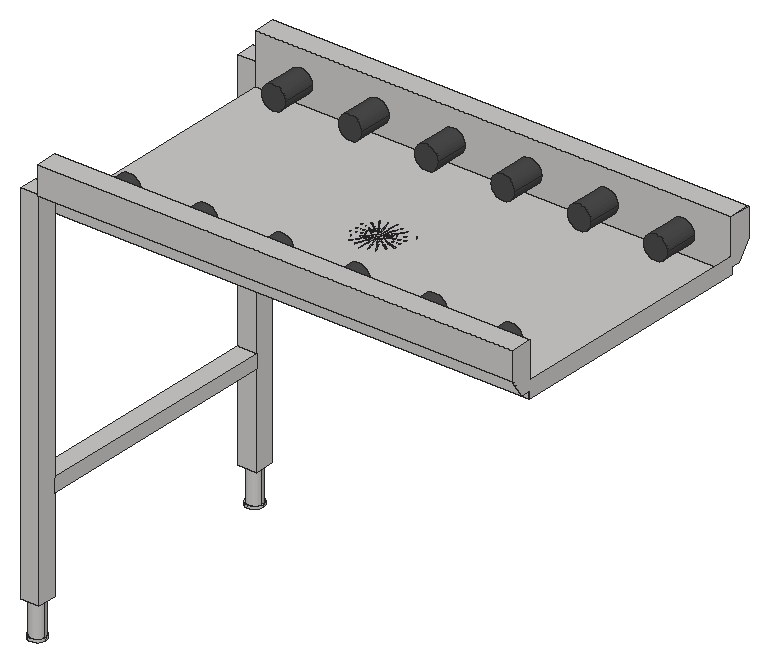
Revit family "QF_ELECTROLUXPROFESSIONAL_863142_HSSRC10", category Specialty Equipment, Revit 2018 (continued)
Lines and regions (mm)
  symbolic lines
    curve 297: line (-579.143, 72.511, 0) -> (-578.848, 71.603, 0)
    curve 298: arc (-578.848, 71.603, 0) -> (-578.908, 70.831, 0) -> (-579.497, 70.328, 0) r 1.012
    curve 299: line (-579.497, 70.328, 0) -> (-591.804, 66.33, 0)
    curve 300: arc (-591.804, 66.33, 0) -> (-592.604, 66.393, 0) -> (-593.125, 67.003, 0) r 1.048
    curve 301: line (-593.125, 67.003, 0) -> (-593.419, 67.91, 0)
    curve 302: arc (-593.419, 67.91, 0) -> (-593.36, 68.671, 0) -> (-592.779, 69.167, 0) r 0.998
    curve 303: line (-585.276, 73.399, 0) -> (-594.436, 73.399, 0)
    curve 304: arc (-594.436, 73.399, 0) -> (-595.153, 73.696, 0) -> (-595.45, 74.412, 0) r 1.013
    curve 305: line (-595.45, 74.412, 0) -> (-595.45, 75.402, 0)
    curve 306: arc (-595.45, 75.402, 0) -> (-595.158, 76.107, 0) -> (-594.452, 76.399, 0) r 0.997
    curve 307: line (-594.452, 76.399, 0) -> (-585.311, 76.399, 0)
    curve 308: arc (-585.311, 76.399, 0) -> (-584.579, 76.096, 0) -> (-584.276, 75.364, 0) r 1.035
    curve 309: line (-584.276, 75.364, 0) -> (-584.276, 74.399, 0)
    curve 310: arc (-584.276, 74.399, 0) -> (-584.569, 73.692, 0) -> (-585.276, 73.399, 0) r 1
    curve 311: line (-580.424, 76.616, 0) -> (-592.731, 80.615, 0)
    curve 312: arc (-592.731, 80.615, 0) -> (-593.341, 81.136, 0) -> (-593.404, 81.936, 0) r 1.048
    curve 313: line (-593.404, 81.936, 0) -> (-593.109, 82.843, 0)
    curve 314: arc (-593.109, 82.843, 0) -> (-592.613, 83.424, 0) -> (-591.852, 83.484, 0) r 0.998
    curve 315: line (-591.852, 83.484, 0) -> (-579.518, 79.476, 0)
    curve 316: arc (-579.518, 79.476, 0) -> (-578.916, 78.962, 0) -> (-578.854, 78.174, 0) r 1.033
    curve 317: line (-578.854, 78.174, 0) -> (-579.149, 77.266, 0)
    curve 318: arc (-579.149, 77.266, 0) -> (-579.652, 76.677, 0) -> (-580.424, 76.616, 0) r 1.012
    curve 319: line (-583.295, 82.497, 0) -> (-590.706, 87.881, 0)
    curve 320: arc (-590.706, 87.881, 0) -> (-591.111, 88.543, 0) -> (-590.93, 89.297, 0) r 1.013
    curve 321: line (-590.93, 89.297, 0) -> (-590.348, 90.097, 0)
    curve 322: arc (-590.348, 90.097, 0) -> (-589.697, 90.496, 0) -> (-588.955, 90.318, 0) r 0.997
    curve 323: line (-588.955, 90.318, 0) -> (-581.56, 84.945, 0)
    curve 324: arc (-581.56, 84.945, 0) -> (-581.146, 84.269, 0) -> (-581.331, 83.499, 0) r 1.035
    curve 325: line (-581.331, 83.499, 0) -> (-581.898, 82.718, 0)
    curve 326: arc (-581.898, 82.718, 0) -> (-582.551, 82.319, 0) -> (-583.295, 82.497, 0) r 1
    curve 327: line (-577.478, 82.248, 0) -> (-585.084, 92.717, 0)
    curve 328: arc (-585.084, 92.717, 0) -> (-585.272, 93.497, 0) -> (-584.852, 94.181, 0) r 1.048
    curve 329: line (-584.852, 94.181, 0) -> (-584.081, 94.742, 0)
    curve 330: arc (-584.081, 94.742, 0) -> (-583.338, 94.92, 0) -> (-582.687, 94.521, 0) r 0.998
    curve 331: line (-582.687, 94.521, 0) -> (-575.064, 84.029, 0)
    curve 332: arc (-575.064, 84.029, 0) -> (-574.879, 83.26, 0) -> (-575.293, 82.586, 0) r 1.033
    curve 333: line (-575.293, 82.586, 0) -> (-576.065, 82.024, 0)
    curve 334: arc (-576.065, 82.024, 0) -> (-576.818, 81.843, 0) -> (-577.478, 82.248, 0) r 1.012
    curve 335: line (-576.344, 88.693, 0) -> (-579.175, 97.405, 0)
    curve 336: arc (-579.175, 97.405, 0) -> (-579.114, 98.178, 0) -> (-578.524, 98.682, 0) r 1.013
    curve 337: line (-578.524, 98.682, 0) -> (-577.583, 98.988, 0)
    curve 338: arc (-577.583, 98.988, 0) -> (-576.822, 98.928, 0) -> (-576.326, 98.347, 0) r 0.997
    curve 339: line (-576.326, 98.347, 0) -> (-573.502, 89.654, 0)
    curve 340: arc (-573.502, 89.654, 0) -> (-573.564, 88.864, 0) -> (-574.166, 88.349, 0) r 1.035
    curve 341: line (-574.166, 88.349, 0) -> (-575.084, 88.051, 0)
    curve 342: arc (-575.084, 88.051, 0) -> (-575.847, 88.111, 0) -> (-576.344, 88.693, 0) r 1
    curve 343: line (-646.137, 265.317, 0) -> (-596.137, 265.317, 0)
    curve 344: line (-596.137, 265.317, 0) -> (-596.137, 335.271, 0)
    curve 345: line (-596.137, 335.271, 0) -> (-646.137, 335.271, 0)
    curve 346: line (-646.137, 335.271, 0) -> (-646.137, 265.317, 0)
    curve 347: line (-435.137, 265.317, 0) -> (-485.137, 265.317, 0)
    curve 348: line (-485.137, 265.317, 0) -> (-485.137, 335.271, 0)
    curve 349: line (-485.137, 335.271, 0) -> (-435.137, 335.271, 0)
    curve 350: line (-435.137, 335.271, 0) -> (-435.137, 265.317, 0)
    curve 351: line (-324.137, 265.317, 0) -> (-274.137, 265.317, 0)
    curve 352: line (-274.137, 265.317, 0) -> (-274.137, 335.271, 0)
    curve 353: line (-274.137, 335.271, 0) -> (-324.137, 335.271, 0)
    curve 354: line (-324.137, 335.271, 0) -> (-324.137, 265.317, 0)
    curve 355: line (-163.137, 265.317, 0) -> (-113.137, 265.317, 0)
    curve 356: line (-113.137, 265.317, 0) -> (-113.137, 335.271, 0)
    curve 357: line (-113.137, 335.271, 0) -> (-163.137, 335.271, 0)
    curve 358: line (-163.137, 335.271, 0) -> (-163.137, 265.317, 0)
    curve 359: line (-918.137, -115.842, 0) -> (-968.137, -115.842, 0)
    curve 360: line (-968.137, -115.842, 0) -> (-968.137, -185.797, 0)
    curve 361: line (-968.137, -185.797, 0) -> (-918.137, -185.797, 0)
    curve 362: line (-918.137, -185.797, 0) -> (-918.137, -115.842, 0)
    curve 363: line (-806.851, -115.842, 0) -> (-756.851, -115.842, 0)
    curve 364: line (-756.851, -115.842, 0) -> (-756.851, -185.797, 0)
    curve 365: line (-756.851, -185.797, 0) -> (-806.851, -185.797, 0)
    curve 366: line (-806.851, -185.797, 0) -> (-806.851, -115.842, 0)
    curve 367: line (-646.137, -115.842, 0) -> (-596.137, -115.842, 0)
    curve 368: line (-596.137, -115.842, 0) -> (-596.137, -185.797, 0)
    curve 369: line (-596.137, -185.797, 0) -> (-646.137, -185.797, 0)
    curve 370: line (-646.137, -185.797, 0) -> (-646.137, -115.842, 0)
    curve 371: line (-435.137, -115.842, 0) -> (-485.137, -115.842, 0)
    curve 372: line (-485.137, -115.842, 0) -> (-485.137, -185.797, 0)
    curve 373: line (-485.137, -185.797, 0) -> (-435.137, -185.797, 0)
    curve 374: line (-435.137, -185.797, 0) -> (-435.137, -115.842, 0)
    curve 375: line (-324.137, -115.842, 0) -> (-274.137, -115.842, 0)
    curve 376: line (-274.137, -115.842, 0) -> (-274.137, -185.797, 0)
    curve 377: line (-274.137, -185.797, 0) -> (-324.137, -185.797, 0)
    curve 378: line (-324.137, -185.797, 0) -> (-324.137, -115.842, 0)
    curve 379: line (-163.137, -115.842, 0) -> (-113.137, -115.842, 0)
    curve 380: line (-113.137, -115.842, 0) -> (-113.137, -185.797, 0)
    curve 381: line (-113.137, -185.797, 0) -> (-163.137, -185.797, 0)
    curve 382: line (-163.137, -185.797, 0) -> (-163.137, -115.842, 0)
Dimensions and locks
  plane 3 "LEFT" to plane 7 "RIGHT" = 1000 mm
  equal spacing: plane 4 "BACK", plane 1 "Centro (Fronte/Retro)", plane 5 "FRONT"
  plane 4 "BACK" to plane 5 "FRONT" = 620 mm
  cut or joined group 1 (Extrusion 2, Extrusion 3, Revolve 4, Revolve 5, Extrusion 7, Extrusion 8, Extrusion 9, Extrusion 10, Extrusion 11, Extrusion 12, Extrusion 13, Extrusion 14, Extrusion 15, Extrusion 16, Extrusion 17, Extrusion 18, Extrusion 19, Extrusion 20, Extrusion 21, Extrusion 22, Extrusion 23, Extrusion 24, Extrusion 25, Extrusion 26, Extrusion 27) to cut or joined group 1 = 529.957 mm
  Extrusion 6 sketch curve to Extrusion 6 sketch curve to Extrusion 6 sketch curve to Extrusion 6 sketch curve to Extrusion 6 sketch curve to Extrusion 6 sketch curve = 161 mm, 161 mm, 161 mm, 161 mm, 161 mm
  plane 3 "LEFT" to plane 8 = 470 mm
  Extrusion 29 sketch curve to Extrusion 29 sketch curve to Extrusion 29 sketch curve to Extrusion 29 sketch curve to Extrusion 29 sketch curve to Extrusion 29 sketch curve = 161 mm, 161 mm, 161 mm, 161 mm, 161 mm
  aligned and locked: level to plane 2
  aligned and locked: Extrusion 2 to Extrusion 3
Automatic sketch dimensions
  Extrusion 7 sketch curve to Extrusion 7 sketch curve = 0.998 mm
  Extrusion 7 sketch curve to Extrusion 7 sketch curve = 1.033 mm
  Extrusion 7 sketch curve to Extrusion 7 sketch curve = 12.94 mm
  Extrusion 7 sketch curve to Extrusion 7 sketch curve = 3.807 mm
  Extrusion 7 sketch curve to Extrusion 7 sketch curve = 20.041 mm
  Extrusion 7 sketch curve to Extrusion 7 sketch curve = 0.05 mm
  Extrusion 7 sketch curve to Extrusion 7 sketch curve = 0 mm
  Extrusion 7 sketch curve to Extrusion 7 sketch curve = 1.012 mm  (x2)
  Extrusion 7 sketch curve to Extrusion 7 sketch curve = 1.048 mm  (x2)
  Extrusion 7 sketch curve to Extrusion 7 sketch curve = 0.955 mm  (x2)
  Extrusion 7 sketch curve to Extrusion 7 sketch curve = 0.954 mm
  Extrusion 8 sketch curve to Extrusion 8 sketch curve = 0.998 mm
  Extrusion 8 sketch curve to Extrusion 8 sketch curve = 1.033 mm
  Extrusion 8 sketch curve to Extrusion 8 sketch curve = 12.94 mm
  Extrusion 8 sketch curve to Extrusion 8 sketch curve = 3.807 mm
  Extrusion 8 sketch curve to Extrusion 8 sketch curve = 20.041 mm
  Extrusion 8 sketch curve to Extrusion 8 sketch curve = 0.05 mm
  Extrusion 8 sketch curve to Extrusion 8 sketch curve = 0 mm
  Extrusion 8 sketch curve to Extrusion 8 sketch curve = 1.012 mm  (x2)
  Extrusion 8 sketch curve to Extrusion 8 sketch curve = 1.048 mm  (x2)
  Extrusion 8 sketch curve to Extrusion 8 sketch curve = 0.955 mm  (x2)
  Extrusion 8 sketch curve to Extrusion 8 sketch curve = 0.954 mm
  Extrusion 9 sketch curve to Extrusion 9 sketch curve = 0.998 mm
  Extrusion 9 sketch curve to Extrusion 9 sketch curve = 1.033 mm
  Extrusion 9 sketch curve to Extrusion 9 sketch curve = 12.94 mm
  Extrusion 9 sketch curve to Extrusion 9 sketch curve = 3.807 mm
  Extrusion 9 sketch curve to Extrusion 9 sketch curve = 20.041 mm
  Extrusion 9 sketch curve to Extrusion 9 sketch curve = 0.05 mm
  Extrusion 9 sketch curve to Extrusion 9 sketch curve = 0 mm
  Extrusion 9 sketch curve to Extrusion 9 sketch curve = 1.012 mm  (x2)
  Extrusion 9 sketch curve to Extrusion 9 sketch curve = 1.048 mm  (x2)
  Extrusion 9 sketch curve to Extrusion 9 sketch curve = 0.955 mm  (x2)
  Extrusion 9 sketch curve to Extrusion 9 sketch curve = 0.954 mm
  Extrusion 10 sketch curve to Extrusion 10 sketch curve = 0.998 mm
  Extrusion 10 sketch curve to Extrusion 10 sketch curve = 1.033 mm
  Extrusion 10 sketch curve to Extrusion 10 sketch curve = 12.94 mm
  Extrusion 10 sketch curve to Extrusion 10 sketch curve = 3.807 mm
  Extrusion 10 sketch curve to Extrusion 10 sketch curve = 20.041 mm
  Extrusion 10 sketch curve to Extrusion 10 sketch curve = 0.05 mm
  Extrusion 10 sketch curve to Extrusion 10 sketch curve = 0 mm
  Extrusion 10 sketch curve to Extrusion 10 sketch curve = 1.012 mm  (x2)
  Extrusion 10 sketch curve to Extrusion 10 sketch curve = 1.048 mm  (x2)
  Extrusion 10 sketch curve to Extrusion 10 sketch curve = 0.955 mm  (x2)
  Extrusion 10 sketch curve to Extrusion 10 sketch curve = 0.954 mm
  Extrusion 11 sketch curve to Extrusion 11 sketch curve = 0.998 mm
  Extrusion 11 sketch curve to Extrusion 11 sketch curve = 1.033 mm
  Extrusion 11 sketch curve to Extrusion 11 sketch curve = 12.94 mm
  Extrusion 11 sketch curve to Extrusion 11 sketch curve = 3.807 mm
  Extrusion 11 sketch curve to Extrusion 11 sketch curve = 20.041 mm
  Extrusion 11 sketch curve to Extrusion 11 sketch curve = 0.05 mm
  Extrusion 11 sketch curve to Extrusion 11 sketch curve = 0 mm
  Extrusion 11 sketch curve to Extrusion 11 sketch curve = 1.012 mm  (x2)
  Extrusion 11 sketch curve to Extrusion 11 sketch curve = 1.048 mm  (x2)
  Extrusion 11 sketch curve to Extrusion 11 sketch curve = 0.955 mm  (x2)
  Extrusion 11 sketch curve to Extrusion 11 sketch curve = 0.954 mm
  Extrusion 12 sketch curve to Extrusion 12 sketch curve = 0.998 mm
  Extrusion 12 sketch curve to Extrusion 12 sketch curve = 1.033 mm
  Extrusion 12 sketch curve to Extrusion 12 sketch curve = 12.94 mm
  Extrusion 12 sketch curve to Extrusion 12 sketch curve = 3.807 mm
  Extrusion 12 sketch curve to Extrusion 12 sketch curve = 20.041 mm
  Extrusion 12 sketch curve to Extrusion 12 sketch curve = 0.05 mm
  Extrusion 12 sketch curve to Extrusion 12 sketch curve = 0 mm
  Extrusion 12 sketch curve to Extrusion 12 sketch curve = 1.012 mm  (x2)
  Extrusion 12 sketch curve to Extrusion 12 sketch curve = 1.048 mm  (x2)
  Extrusion 12 sketch curve to Extrusion 12 sketch curve = 0.955 mm  (x2)
  Extrusion 12 sketch curve to Extrusion 12 sketch curve = 0.954 mm
  Extrusion 13 sketch curve to Extrusion 13 sketch curve = 0.998 mm
  Extrusion 13 sketch curve to Extrusion 13 sketch curve = 1.033 mm
  Extrusion 13 sketch curve to Extrusion 13 sketch curve = 12.94 mm
  Extrusion 13 sketch curve to Extrusion 13 sketch curve = 3.807 mm
  Extrusion 13 sketch curve to Extrusion 13 sketch curve = 20.041 mm
  Extrusion 13 sketch curve to Extrusion 13 sketch curve = 0.05 mm
  Extrusion 13 sketch curve to Extrusion 13 sketch curve = 0 mm
  Extrusion 13 sketch curve to Extrusion 13 sketch curve = 1.012 mm  (x2)
  Extrusion 13 sketch curve to Extrusion 13 sketch curve = 1.048 mm  (x2)
  Extrusion 13 sketch curve to Extrusion 13 sketch curve = 0.955 mm  (x2)
  Extrusion 13 sketch curve to Extrusion 13 sketch curve = 0.954 mm
  Extrusion 14 sketch curve to Extrusion 14 sketch curve = 0.998 mm
  Extrusion 14 sketch curve to Extrusion 14 sketch curve = 1.033 mm
  Extrusion 14 sketch curve to Extrusion 14 sketch curve = 12.94 mm
  Extrusion 14 sketch curve to Extrusion 14 sketch curve = 3.807 mm
  Extrusion 14 sketch curve to Extrusion 14 sketch curve = 20.041 mm
  Extrusion 14 sketch curve to Extrusion 14 sketch curve = 0.05 mm
  Extrusion 14 sketch curve to Extrusion 14 sketch curve = 0 mm
  Extrusion 14 sketch curve to Extrusion 14 sketch curve = 1.012 mm  (x2)
  Extrusion 14 sketch curve to Extrusion 14 sketch curve = 1.048 mm  (x2)
  Extrusion 14 sketch curve to Extrusion 14 sketch curve = 0.955 mm  (x2)
  Extrusion 14 sketch curve to Extrusion 14 sketch curve = 0.954 mm
  Extrusion 15 sketch curve to Extrusion 15 sketch curve = 0.998 mm
  Extrusion 15 sketch curve to Extrusion 15 sketch curve = 1.033 mm
  Extrusion 15 sketch curve to Extrusion 15 sketch curve = 12.94 mm
  Extrusion 15 sketch curve to Extrusion 15 sketch curve = 3.807 mm
  Extrusion 15 sketch curve to Extrusion 15 sketch curve = 20.041 mm
  Extrusion 15 sketch curve to Extrusion 15 sketch curve = 0.05 mm
  Extrusion 15 sketch curve to Extrusion 15 sketch curve = 0 mm
  Extrusion 15 sketch curve to Extrusion 15 sketch curve = 1.012 mm  (x2)
  Extrusion 15 sketch curve to Extrusion 15 sketch curve = 1.048 mm  (x2)
  Extrusion 15 sketch curve to Extrusion 15 sketch curve = 0.955 mm  (x2)
  Extrusion 15 sketch curve to Extrusion 15 sketch curve = 0.954 mm
  Extrusion 16 sketch curve to Extrusion 16 sketch curve = 0.998 mm
  Extrusion 16 sketch curve to Extrusion 16 sketch curve = 1.033 mm
  Extrusion 16 sketch curve to Extrusion 16 sketch curve = 12.94 mm
  Extrusion 16 sketch curve to Extrusion 16 sketch curve = 3.807 mm
  Extrusion 16 sketch curve to Extrusion 16 sketch curve = 20.041 mm
  Extrusion 16 sketch curve to Extrusion 16 sketch curve = 0.05 mm
  Extrusion 16 sketch curve to Extrusion 16 sketch curve = 0 mm
  Extrusion 16 sketch curve to Extrusion 16 sketch curve = 1.012 mm  (x2)
  Extrusion 16 sketch curve to Extrusion 16 sketch curve = 1.048 mm  (x2)
  Extrusion 16 sketch curve to Extrusion 16 sketch curve = 0.955 mm  (x2)
  Extrusion 16 sketch curve to Extrusion 16 sketch curve = 0.954 mm
  Extrusion 18 sketch curve to Extrusion 18 sketch curve = 0.997 mm  (x2)
  Extrusion 18 sketch curve to Extrusion 18 sketch curve = 0.016 mm  (x2)
  Extrusion 18 sketch curve to Extrusion 18 sketch curve = 14.766 mm
  Extrusion 18 sketch curve to Extrusion 18 sketch curve = 4.462 mm
  Extrusion 18 sketch curve to Extrusion 18 sketch curve = 9.141 mm
  Extrusion 18 sketch curve to Extrusion 18 sketch curve = 0.035 mm  (x2)
  Extrusion 18 sketch curve to Extrusion 18 sketch curve = 1.035 mm  (x2)
  Extrusion 18 sketch curve to Extrusion 18 sketch curve = 1 mm
  Extrusion 18 sketch curve to Extrusion 18 sketch curve = 0.965 mm  (x2)
  Extrusion 19 sketch curve to Extrusion 19 sketch curve = 0.997 mm  (x2)
  Extrusion 19 sketch curve to Extrusion 19 sketch curve = 0.016 mm  (x2)
  Extrusion 19 sketch curve to Extrusion 19 sketch curve = 14.766 mm
  Extrusion 19 sketch curve to Extrusion 19 sketch curve = 4.462 mm
  Extrusion 19 sketch curve to Extrusion 19 sketch curve = 9.141 mm
  Extrusion 19 sketch curve to Extrusion 19 sketch curve = 0.035 mm  (x2)
  Extrusion 19 sketch curve to Extrusion 19 sketch curve = 1.035 mm  (x2)
  Extrusion 19 sketch curve to Extrusion 19 sketch curve = 1 mm
  Extrusion 19 sketch curve to Extrusion 19 sketch curve = 0.965 mm  (x2)
  Extrusion 20 sketch curve to Extrusion 20 sketch curve = 0.997 mm  (x2)
  Extrusion 20 sketch curve to Extrusion 20 sketch curve = 0.016 mm  (x2)
  Extrusion 20 sketch curve to Extrusion 20 sketch curve = 14.766 mm
  Extrusion 20 sketch curve to Extrusion 20 sketch curve = 4.462 mm
  Extrusion 20 sketch curve to Extrusion 20 sketch curve = 9.141 mm
  Extrusion 20 sketch curve to Extrusion 20 sketch curve = 0.035 mm  (x2)
  Extrusion 20 sketch curve to Extrusion 20 sketch curve = 1.035 mm  (x2)
  Extrusion 20 sketch curve to Extrusion 20 sketch curve = 1 mm
  Extrusion 20 sketch curve to Extrusion 20 sketch curve = 0.965 mm  (x2)
  Extrusion 21 sketch curve to Extrusion 21 sketch curve = 0.997 mm  (x2)
  Extrusion 21 sketch curve to Extrusion 21 sketch curve = 0.016 mm  (x2)
  Extrusion 21 sketch curve to Extrusion 21 sketch curve = 14.766 mm
  Extrusion 21 sketch curve to Extrusion 21 sketch curve = 4.462 mm
  Extrusion 21 sketch curve to Extrusion 21 sketch curve = 9.141 mm
  Extrusion 21 sketch curve to Extrusion 21 sketch curve = 0.035 mm  (x2)
  Extrusion 21 sketch curve to Extrusion 21 sketch curve = 1.035 mm  (x2)
  Extrusion 21 sketch curve to Extrusion 21 sketch curve = 1 mm
  Extrusion 21 sketch curve to Extrusion 21 sketch curve = 0.965 mm  (x2)
  Extrusion 22 sketch curve to Extrusion 22 sketch curve = 0.997 mm  (x2)
  Extrusion 22 sketch curve to Extrusion 22 sketch curve = 0.016 mm  (x2)
  Extrusion 22 sketch curve to Extrusion 22 sketch curve = 14.766 mm
  Extrusion 22 sketch curve to Extrusion 22 sketch curve = 4.462 mm
  Extrusion 22 sketch curve to Extrusion 22 sketch curve = 9.141 mm
  Extrusion 22 sketch curve to Extrusion 22 sketch curve = 0.035 mm  (x2)
  Extrusion 22 sketch curve to Extrusion 22 sketch curve = 1.035 mm  (x2)
  Extrusion 22 sketch curve to Extrusion 22 sketch curve = 1 mm
  Extrusion 22 sketch curve to Extrusion 22 sketch curve = 0.965 mm  (x2)
  Extrusion 23 sketch curve to Extrusion 23 sketch curve = 0.997 mm  (x2)
  Extrusion 23 sketch curve to Extrusion 23 sketch curve = 0.016 mm  (x2)
  Extrusion 23 sketch curve to Extrusion 23 sketch curve = 14.766 mm
  Extrusion 23 sketch curve to Extrusion 23 sketch curve = 4.462 mm
  Extrusion 23 sketch curve to Extrusion 23 sketch curve = 9.141 mm
  Extrusion 23 sketch curve to Extrusion 23 sketch curve = 0.035 mm  (x2)
  Extrusion 23 sketch curve to Extrusion 23 sketch curve = 1.035 mm  (x2)
  Extrusion 23 sketch curve to Extrusion 23 sketch curve = 1 mm
  Extrusion 23 sketch curve to Extrusion 23 sketch curve = 0.965 mm  (x2)
  Extrusion 24 sketch curve to Extrusion 24 sketch curve = 0.997 mm  (x2)
  Extrusion 24 sketch curve to Extrusion 24 sketch curve = 0.016 mm  (x2)
  Extrusion 24 sketch curve to Extrusion 24 sketch curve = 14.766 mm
  Extrusion 24 sketch curve to Extrusion 24 sketch curve = 4.462 mm
  Extrusion 24 sketch curve to Extrusion 24 sketch curve = 9.141 mm
  Extrusion 24 sketch curve to Extrusion 24 sketch curve = 0.035 mm  (x2)
  Extrusion 24 sketch curve to Extrusion 24 sketch curve = 1.035 mm  (x2)
  Extrusion 24 sketch curve to Extrusion 24 sketch curve = 1 mm
  Extrusion 24 sketch curve to Extrusion 24 sketch curve = 0.965 mm  (x2)
  Extrusion 25 sketch curve to Extrusion 25 sketch curve = 0.997 mm  (x2)
  Extrusion 25 sketch curve to Extrusion 25 sketch curve = 0.016 mm  (x2)
  Extrusion 25 sketch curve to Extrusion 25 sketch curve = 14.766 mm
  Extrusion 25 sketch curve to Extrusion 25 sketch curve = 4.462 mm
  Extrusion 25 sketch curve to Extrusion 25 sketch curve = 9.141 mm
  Extrusion 25 sketch curve to Extrusion 25 sketch curve = 0.035 mm  (x2)
  Extrusion 25 sketch curve to Extrusion 25 sketch curve = 1.035 mm  (x2)
  Extrusion 25 sketch curve to Extrusion 25 sketch curve = 1 mm
  Extrusion 25 sketch curve to Extrusion 25 sketch curve = 0.965 mm  (x2)
  Extrusion 26 sketch curve to Extrusion 26 sketch curve = 0.997 mm  (x2)
  Extrusion 26 sketch curve to Extrusion 26 sketch curve = 0.016 mm  (x2)
  Extrusion 26 sketch curve to Extrusion 26 sketch curve = 14.766 mm
  Extrusion 26 sketch curve to Extrusion 26 sketch curve = 4.462 mm
  Extrusion 26 sketch curve to Extrusion 26 sketch curve = 9.141 mm
  Extrusion 26 sketch curve to Extrusion 26 sketch curve = 0.035 mm  (x2)
  Extrusion 26 sketch curve to Extrusion 26 sketch curve = 1.035 mm  (x2)
  Extrusion 26 sketch curve to Extrusion 26 sketch curve = 1 mm
  Extrusion 26 sketch curve to Extrusion 26 sketch curve = 0.965 mm  (x2)
  Extrusion 27 sketch curve to Extrusion 27 sketch curve = 0.997 mm  (x2)
  Extrusion 27 sketch curve to Extrusion 27 sketch curve = 0.016 mm  (x2)
  Extrusion 27 sketch curve to Extrusion 27 sketch curve = 14.766 mm
  Extrusion 27 sketch curve to Extrusion 27 sketch curve = 4.462 mm
  Extrusion 27 sketch curve to Extrusion 27 sketch curve = 9.141 mm
  Extrusion 27 sketch curve to Extrusion 27 sketch curve = 0.035 mm  (x2)
  Extrusion 27 sketch curve to Extrusion 27 sketch curve = 1.035 mm  (x2)
  Extrusion 27 sketch curve to Extrusion 27 sketch curve = 1 mm
  Extrusion 27 sketch curve to Extrusion 27 sketch curve = 0.965 mm  (x2)
  curve 9 to curve 10 = 0 mm  (x2)
  curve 11 to curve 12 = 0 mm  (x2)
  curve 181 to curve 182 = 0 mm  (x2)
  curve 1 to plane 3 "LEFT" = 0 mm
  plane 1 "Centro (Fronte/Retro)" to curve 8 = 0 mm
  curve 10 to plane 8 = 0 mm
  plane 1 "Centro (Fronte/Retro)" to curve 11 = 0 mm
  plane 1 "Centro (Fronte/Retro)" to curve 7 = 0 mm
  curve 7 to plane 7 "RIGHT" = 0 mm
  curve 4 to plane 5 "FRONT" = 0 mm
  plane 1 "Centro (Fronte/Retro)" to curve 10 = 0 mm
  curve 2 to plane 4 "BACK" = 0 mm
  plane 3 "LEFT" to curve 13 = 70.624 mm
  plane 3 "LEFT" to curve 360 = 70.624 mm
  curve 359 to curve 359 = 50 mm
  curve 14 to curve 15 = 50 mm
  curve 359 to curve 363 = 111.286 mm
  curve 19 to plane 4 "BACK" = 49.466 mm
  curve 15 to curve 19 = 111.286 mm
  curve 363 to curve 364 = 50 mm
  curve 19 to curve 19 = 50 mm
  curve 345 to plane 8 = 77.376 mm
  curve 367 to plane 8 = 77.376 mm
  plane 1 "Centro (Fronte/Retro)" to curve 151 = 14.84 mm
  curve 151 to plane 8 = 49.319 mm
  curve 167 to plane 1 "Centro (Fronte/Retro)" = 15.211 mm
  curve 151 to curve 167 = 0.016 mm
  plane 1 "Centro (Fronte/Retro)" to curve 151 = 15.747 mm
  curve 151 to curve 151 = 0.295 mm
  curve 167 to plane 1 "Centro (Fronte/Retro)" = 16.119 mm
  curve 166 to curve 167 = 0.295 mm
  plane 1 "Centro (Fronte/Retro)" to curve 153 = 13.583 mm
  curve 151 to curve 153 = 0.641 mm
  curve 165 to plane 1 "Centro (Fronte/Retro)" = 13.891 mm
  curve 167 to curve 165 = 0.673 mm
  curve 152 to curve 152 = 0.308 mm
  curve 167 to curve 166 = 0.997 mm
  curve 166 to curve 168 = 0.247 mm
  curve 152 to curve 150 = 0.343 mm
  plane 1 "Centro (Fronte/Retro)" to curve 159 = 0.325 mm
  curve 152 to curve 159 = 0.729 mm
  curve 169 to plane 1 "Centro (Fronte/Retro)" = 16.759 mm
  curve 168 to curve 169 = 0.308 mm
  plane 1 "Centro (Fronte/Retro)" to curve 149 = 16.42 mm
  curve 150 to curve 149 = 0.324 mm
  curve 160 to plane 1 "Centro (Fronte/Retro)" = 0.664 mm
  curve 159 to curve 160 = 0.997 mm
  plane 1 "Centro (Fronte/Retro)" to curve 157 = 1.338 mm
  curve 149 to curve 143 = 8.325 mm
  curve 169 to curve 175 = 8.383 mm
  curve 143 to curve 145 = 0.221 mm
  curve 173 to plane 1 "Centro (Fronte/Retro)" = 25.641 mm
  curve 175 to curve 173 = 0.224 mm
  curve 143 to curve 143 = 0.581 mm
  curve 175 to curve 175 = 0.581 mm
  curve 143 to curve 144 = 0.807 mm
  curve 175 to curve 174 = 0.82 mm
  curve 174 to curve 176 = 0.569 mm
  curve 144 to curve 142 = 0.594 mm
  curve 176 to curve 177 = 0.586 mm
  plane 1 "Centro (Fronte/Retro)" to curve 141 = 27.744 mm
  curve 142 to curve 141 = 0.596 mm
  curve 162 to plane 1 "Centro (Fronte/Retro)" = 0.627 mm
  curve 160 to curve 162 = 14.766 mm
  curve 157 to curve 163 = 1 mm
  curve 141 to curve 137 = 5.787 mm
  curve 177 to curve 21 = 5.83 mm
  curve 137 to curve 135 = 0.221 mm
  curve 21 to curve 23 = 0.232 mm
  curve 137 to curve 136 = 0.807 mm
  curve 23 to curve 22 = 0.616 mm
  curve 136 to curve 135 = 0.772 mm
  curve 22 to curve 23 = 0.772 mm
  curve 136 to curve 134 = 0.801 mm
  curve 22 to curve 24 = 0.742 mm
  plane 1 "Centro (Fronte/Retro)" to curve 153 = 7.374 mm
  curve 164 to curve 153 = 2.58 mm
  curve 165 to plane 1 "Centro (Fronte/Retro)" = 7.691 mm
  curve 162 to curve 165 = 2.636 mm
  curve 153 to curve 154 = 0.319 mm
  curve 165 to curve 172 = 0.313 mm
  curve 24 to curve 25 = 0.807 mm
  curve 134 to curve 133 = 0.848 mm
  curve 172 to curve 170 = 0.274 mm
  curve 154 to curve 156 = 0.316 mm
  curve 169 to plane 1 "Centro (Fronte/Retro)" = 10.551 mm
  curve 170 to curve 169 = 0.319 mm
  plane 1 "Centro (Fronte/Retro)" to curve 149 = 10.22 mm
  curve 156 to curve 149 = 0.313 mm
  curve 171 to plane 1 "Centro (Fronte/Retro)" = 8.34 mm
  curve 172 to curve 171 = 0.962 mm
  plane 1 "Centro (Fronte/Retro)" to curve 155 = 8.037 mm
  curve 154 to curve 155 = 0.983 mm
  curve 171 to plane 1 "Centro (Fronte/Retro)" = 9.249 mm
  curve 171 to curve 171 = 0.295 mm
  plane 1 "Centro (Fronte/Retro)" to curve 155 = 8.946 mm
  curve 155 to curve 155 = 0.295 mm
  curve 343 to plane 8 = 27.376 mm
  curve 368 to plane 8 = 27.376 mm
  curve 156 to curve 145 = 1.411 mm
  curve 169 to curve 173 = 1.46 mm
  plane 1 "Centro (Fronte/Retro)" to curve 305 = 0.325 mm
  curve 164 to curve 305 = 4.462 mm
  curve 146 to curve 146 = 0.608 mm
  curve 173 to curve 180 = 0.588 mm
  curve 180 to curve 178 = 0.539 mm
  curve 146 to curve 148 = 0.596 mm
  curve 179 to plane 1 "Centro (Fronte/Retro)" = 17.172 mm
  curve 180 to curve 179 = 0.809 mm
  curve 146 to curve 147 = 0.838 mm
  curve 306 to plane 1 "Centro (Fronte/Retro)" = 0.664 mm
  curve 305 to curve 306 = 0.997 mm
  curve 306 to curve 304 = 0.016 mm
  curve 177 to plane 1 "Centro (Fronte/Retro)" = 19.398 mm
  curve 178 to curve 177 = 0.608 mm
  curve 148 to curve 141 = 0.588 mm
  curve 179 to curve 179 = 0.567 mm
  curve 146 to curve 147 = 0.567 mm
  plane 1 "Centro (Fronte/Retro)" to curve 301 = 6.827 mm
  curve 154 to curve 301 = 3.61 mm
  curve 313 to plane 1 "Centro (Fronte/Retro)" = 7.199 mm
  curve 171 to curve 313 = 3.632 mm
  plane 1 "Centro (Fronte/Retro)" to curve 301 = 7.734 mm
  curve 301 to curve 301 = 0.295 mm
  curve 313 to plane 1 "Centro (Fronte/Retro)" = 8.106 mm
  curve 312 to curve 313 = 0.295 mm
  plane 1 "Centro (Fronte/Retro)" to curve 295 = 5.57 mm
  curve 301 to curve 295 = 0.641 mm
  curve 311 to plane 1 "Centro (Fronte/Retro)" = 5.878 mm
  curve 312 to curve 311 = 0.673 mm
  curve 295 to curve 302 = 0.308 mm
  curve 312 to curve 312 = 0.997 mm
  curve 312 to curve 314 = 0.247 mm
  curve 302 to curve 300 = 0.343 mm
  curve 315 to plane 1 "Centro (Fronte/Retro)" = 8.747 mm
  curve 314 to curve 315 = 0.308 mm
  plane 1 "Centro (Fronte/Retro)" to curve 299 = 8.407 mm
  curve 300 to curve 299 = 0.324 mm
  curve 147 to curve 293 = 3.588 mm
  curve 179 to curve 321 = 3.618 mm
  plane 1 "Centro (Fronte/Retro)" to curve 287 = 12.83 mm
  curve 293 to curve 287 = 0.221 mm
  curve 319 to plane 1 "Centro (Fronte/Retro)" = 13.144 mm
  curve 320 to curve 319 = 0.224 mm
  curve 294 to curve 293 = 0.581 mm
  curve 320 to curve 321 = 0.581 mm
  curve 293 to curve 294 = 0.807 mm
  curve 319 to curve 320 = 0.596 mm
  curve 320 to curve 322 = 0.569 mm
  curve 294 to curve 292 = 0.594 mm
  curve 322 to curve 323 = 0.586 mm
  plane 1 "Centro (Fronte/Retro)" to curve 291 = 15.248 mm
  curve 292 to curve 291 = 0.596 mm
  curve 141 to curve 137 = 5.635 mm
  curve 177 to curve 21 = 5.676 mm
  curve 21 to curve 28 = 0.818 mm
  curve 137 to curve 138 = 0.836 mm
  curve 28 to curve 27 = 0.595 mm
  curve 138 to curve 139 = 0.607 mm
  curve 28 to curve 26 = 0.76 mm
  curve 138 to curve 140 = 0.786 mm
  curve 28 to curve 27 = 0.773 mm
  curve 138 to curve 139 = 0.773 mm
  curve 26 to curve 25 = 0.836 mm
  curve 140 to curve 133 = 0.818 mm
  curve 133 to curve 129 = 12.149 mm
  curve 24 to curve 29 = 12.184 mm
  curve 308 to plane 1 "Centro (Fronte/Retro)" = 0.627 mm
  curve 311 to curve 308 = 7.42 mm
  curve 303 to curve 309 = 1 mm
  curve 291 to curve 279 = 3.828 mm
  curve 128 to curve 127 = 0.64 mm
  curve 30 to curve 31 = 0.651 mm
  curve 322 to curve 327 = 3.871 mm
  curve 279 to curve 285 = 0.221 mm
  curve 328 to curve 329 = 0.232 mm
  curve 127 to curve 128 = 0.308 mm
  curve 31 to curve 30 = 0.313 mm
  curve 279 to curve 286 = 0.807 mm
  curve 328 to curve 328 = 0.848 mm
  curve 127 to curve 127 = 0.941 mm
  curve 30 to curve 31 = 0.941 mm
  curve 285 to curve 285 = 0.772 mm
  curve 328 to curve 329 = 0.772 mm
  curve 128 to curve 126 = 0.946 mm
  curve 30 to curve 32 = 0.936 mm
  curve 286 to curve 284 = 0.801 mm
  curve 328 to curve 330 = 0.742 mm
  curve 303 to curve 287 = 1.953 mm
  curve 307 to curve 319 = 2.017 mm
  curve 32 to curve 33 = 0.949 mm
  curve 126 to curve 125 = 0.964 mm
  curve 288 to curve 288 = 0.608 mm
  curve 319 to curve 326 = 0.588 mm
  curve 330 to curve 331 = 0.807 mm
  curve 284 to curve 283 = 0.848 mm
  curve 326 to curve 324 = 0.539 mm
  curve 288 to curve 290 = 0.596 mm
  curve 325 to plane 1 "Centro (Fronte/Retro)" = 7.981 mm
  curve 326 to curve 325 = 0.809 mm
  curve 288 to curve 289 = 0.838 mm
  curve 323 to plane 1 "Centro (Fronte/Retro)" = 10.208 mm
  curve 324 to curve 323 = 0.608 mm
  curve 290 to curve 291 = 0.588 mm
  curve 325 to curve 325 = 0.567 mm
  plane 1 "Centro (Fronte/Retro)" to curve 289 = 8.467 mm
  curve 288 to curve 289 = 0.567 mm
  curve 133 to curve 129 = 4.919 mm
  curve 25 to curve 29 = 4.943 mm
  plane 1 "Centro (Fronte/Retro)" to curve 295 = 1.562 mm
  curve 309 to curve 295 = 3.832 mm
  curve 311 to plane 1 "Centro (Fronte/Retro)" = 1.879 mm
  curve 295 to curve 311 = 0.021 mm
  curve 36 to curve 36 = 0.951 mm
  curve 129 to curve 130 = 0.985 mm
  curve 296 to curve 296 = 0.319 mm
  curve 318 to curve 318 = 0.313 mm
  curve 36 to curve 35 = 0.309 mm
  curve 130 to curve 131 = 0.32 mm
  curve 318 to curve 316 = 0.274 mm
  curve 296 to curve 298 = 0.316 mm
  curve 315 to plane 1 "Centro (Fronte/Retro)" = 4.739 mm
  curve 316 to curve 315 = 0.319 mm
  plane 1 "Centro (Fronte/Retro)" to curve 299 = 4.409 mm
  curve 298 to curve 299 = 0.313 mm
  curve 36 to curve 34 = 0.907 mm
  curve 130 to curve 132 = 0.928 mm
  curve 283 to curve 271 = 3.478 mm
  curve 330 to curve 335 = 3.512 mm
  curve 317 to plane 1 "Centro (Fronte/Retro)" = 2.529 mm
  curve 318 to curve 317 = 0.962 mm
  plane 1 "Centro (Fronte/Retro)" to curve 297 = 2.226 mm
  curve 296 to curve 297 = 0.983 mm
  curve 36 to curve 35 = 0.918 mm
  curve 130 to curve 131 = 0.918 mm
  curve 317 to plane 1 "Centro (Fronte/Retro)" = 3.437 mm
  curve 317 to curve 317 = 0.295 mm
  plane 1 "Centro (Fronte/Retro)" to curve 297 = 3.134 mm
  curve 296 to curve 297 = 0.295 mm
  curve 271 to curve 277 = 0.64 mm
  curve 335 to curve 337 = 0.651 mm
  curve 34 to curve 33 = 0.985 mm
  curve 132 to curve 125 = 0.951 mm
  curve 271 to curve 278 = 0.949 mm
  curve 336 to curve 336 = 0.313 mm
  curve 277 to curve 277 = 0.941 mm
  curve 336 to curve 337 = 0.941 mm
  curve 298 to curve 279 = 2.006 mm
  curve 316 to curve 327 = 2.039 mm
  curve 278 to curve 276 = 0.946 mm
  curve 336 to curve 338 = 0.936 mm
  curve 334 to curve 334 = 0.818 mm
  curve 279 to curve 280 = 0.836 mm
  curve 280 to curve 271 = 0.3 mm
  curve 334 to curve 335 = 0.316 mm
  curve 338 to curve 339 = 0.949 mm
  curve 276 to curve 275 = 0.964 mm
  curve 334 to curve 333 = 0.595 mm
  curve 280 to curve 281 = 0.607 mm
  curve 334 to curve 332 = 0.76 mm
  curve 280 to curve 282 = 0.786 mm
  curve 342 to curve 342 = 0.951 mm
  curve 272 to curve 272 = 0.985 mm
  curve 334 to curve 333 = 0.773 mm
  curve 281 to curve 281 = 0.773 mm
  curve 342 to curve 341 = 0.309 mm
  curve 332 to curve 331 = 0.836 mm
  curve 282 to curve 283 = 0.818 mm
  curve 272 to curve 273 = 0.32 mm
  curve 342 to curve 340 = 0.907 mm
  curve 272 to curve 274 = 0.928 mm
  curve 342 to curve 341 = 0.918 mm
  curve 272 to curve 273 = 0.918 mm
  curve 340 to curve 339 = 0.985 mm
  curve 274 to curve 275 = 0.951 mm
  curve 37 to plane 8 = 3.024 mm
  curve 263 to plane 8 = 3.024 mm
  curve 121 to plane 8 = 3.024 mm
  curve 187 to plane 8 = 3.024 mm
  curve 120 to curve 120 = 0.998 mm
  curve 263 to curve 270 = 0.998 mm
  curve 37 to curve 44 = 1.012 mm
  curve 186 to curve 186 = 1.012 mm
  curve 263 to curve 265 = 1.033 mm
  curve 122 to curve 123 = 1.033 mm
  curve 38 to curve 39 = 1.048 mm
  curve 187 to curve 188 = 1.048 mm
  curve 181 to plane 1 "Centro (Fronte/Retro)" = 0.162 mm
  curve 181 to plane 8 = 1.524 mm
  curve 120 to curve 118 = 0.954 mm
  curve 270 to curve 268 = 0.954 mm
  curve 185 to curve 185 = 0.955 mm
  curve 44 to curve 42 = 0.955 mm
  curve 265 to curve 265 = 0.955 mm
  curve 122 to curve 124 = 0.955 mm
  curve 188 to curve 190 = 0.954 mm
  curve 38 to curve 40 = 0.954 mm
  curve 117 to plane 8 = 0.024 mm
  curve 183 to plane 8 = 0.024 mm
  curve 267 to plane 8 = 0.024 mm
  curve 41 to plane 8 = 0.024 mm
  plane 8 to curve 195 = 1.682 mm
  plane 8 to curve 255 = 1.693 mm
  curve 195 to curve 193 = 0.642 mm
  curve 256 to curve 257 = 0.665 mm
  curve 193 to curve 194 = 0.309 mm
  curve 256 to curve 256 = 0.985 mm
  curve 193 to curve 193 = 0.918 mm
  plane 8 to curve 203 = 3.243 mm
  plane 8 to curve 247 = 3.256 mm
  curve 256 to curve 257 = 0.918 mm
  curve 202 to curve 201 = 0.224 mm
  curve 247 to curve 249 = 0.229 mm
  curve 194 to curve 192 = 0.928 mm
  curve 256 to curve 258 = 0.907 mm
  curve 202 to curve 202 = 0.818 mm
  curve 247 to curve 248 = 0.836 mm
  curve 201 to curve 201 = 0.773 mm
  curve 249 to curve 249 = 0.773 mm
  plane 8 to curve 195 = 4.513 mm
  plane 8 to curve 255 = 4.518 mm
  curve 258 to curve 259 = 0.951 mm
  curve 192 to curve 191 = 0.985 mm
  curve 202 to curve 200 = 0.786 mm
  curve 248 to curve 250 = 0.76 mm
  curve 255 to curve 262 = 0.949 mm
  curve 196 to curve 196 = 0.964 mm
  curve 250 to curve 251 = 0.818 mm
  curve 200 to curve 199 = 0.836 mm
  curve 262 to curve 261 = 0.308 mm
  curve 196 to curve 197 = 0.313 mm
  curve 262 to curve 260 = 0.936 mm
  curve 196 to curve 198 = 0.946 mm
  curve 197 to curve 45 = 0.724 mm
  curve 261 to curve 113 = 0.75 mm
  curve 261 to curve 261 = 0.941 mm
  curve 197 to curve 197 = 0.941 mm
  curve 217 to plane 1 "Centro (Fronte/Retro)" = 3.458 mm
  curve 199 to curve 217 = 1.357 mm
  plane 1 "Centro (Fronte/Retro)" to curve 233 = 3.113 mm
  curve 251 to curve 233 = 1.376 mm
  curve 52 to curve 51 = 0.642 mm
  curve 113 to curve 115 = 0.665 mm
  curve 217 to plane 1 "Centro (Fronte/Retro)" = 2.549 mm
  curve 217 to curve 217 = 0.295 mm
  plane 1 "Centro (Fronte/Retro)" to curve 233 = 2.205 mm
  curve 232 to curve 233 = 0.295 mm
  curve 260 to curve 259 = 0.964 mm
  curve 198 to curve 191 = 0.949 mm
  curve 52 to curve 52 = 0.951 mm
  curve 113 to curve 114 = 0.985 mm
  curve 218 to curve 219 = 0.649 mm
  plane 1 "Centro (Fronte/Retro)" to curve 231 = 4.415 mm
  curve 233 to curve 231 = 0.663 mm
  curve 218 to curve 218 = 0.313 mm
  curve 232 to curve 232 = 0.319 mm
  curve 51 to curve 51 = 0.918 mm
  curve 115 to curve 115 = 0.918 mm
  curve 232 to curve 234 = 0.274 mm
  curve 218 to curve 216 = 0.316 mm
  curve 52 to curve 50 = 0.928 mm
  curve 114 to curve 116 = 0.907 mm
  plane 1 "Centro (Fronte/Retro)" to curve 235 = 1.555 mm
  curve 234 to curve 235 = 0.313 mm
  curve 215 to plane 1 "Centro (Fronte/Retro)" = 1.886 mm
  curve 216 to curve 215 = 0.319 mm
  curve 116 to curve 109 = 0.951 mm
  curve 50 to curve 49 = 0.985 mm
  curve 199 to curve 209 = 3.819 mm
  curve 250 to curve 241 = 3.853 mm
  curve 209 to curve 211 = 0.221 mm
  curve 240 to curve 239 = 0.229 mm
  curve 210 to curve 209 = 0.567 mm
  curve 241 to curve 241 = 0.567 mm
  curve 209 to curve 210 = 0.809 mm
  curve 240 to curve 240 = 0.838 mm  (x2)
  curve 198 to curve 203 = 3.478 mm
  curve 259 to curve 247 = 3.512 mm
  curve 240 to curve 242 = 0.539 mm
  curve 210 to curve 208 = 0.596 mm
  plane 8 to curve 45 = 11.083 mm
  plane 8 to curve 113 = 11.088 mm
  curve 242 to curve 243 = 0.588 mm
  curve 207 to plane 1 "Centro (Fronte/Retro)" = 7.781 mm
  curve 208 to curve 207 = 0.608 mm
  curve 247 to curve 254 = 0.807 mm
  curve 204 to curve 204 = 0.848 mm
  curve 112 to curve 112 = 0.949 mm
  curve 45 to curve 46 = 0.964 mm
  curve 254 to curve 253 = 0.587 mm
  curve 204 to curve 205 = 0.616 mm
  curve 112 to curve 111 = 0.308 mm
  curve 46 to curve 47 = 0.313 mm
  curve 254 to curve 252 = 0.742 mm
  curve 225 to plane 1 "Centro (Fronte/Retro)" = 0.662 mm
  curve 215 to curve 225 = 3.832 mm
  curve 204 to curve 206 = 0.801 mm
  curve 112 to curve 110 = 0.936 mm
  curve 46 to curve 48 = 0.946 mm
  curve 253 to curve 253 = 0.772 mm
  curve 204 to curve 205 = 0.772 mm
  curve 252 to curve 251 = 0.848 mm
  curve 111 to curve 111 = 0.941 mm
  curve 46 to curve 47 = 0.941 mm
  curve 206 to curve 199 = 0.807 mm
  curve 226 to curve 227 = 1 mm
  curve 224 to curve 223 = 1.035 mm
  curve 110 to curve 109 = 0.964 mm
  curve 48 to curve 49 = 0.949 mm
  curve 204 to curve 53 = 1.985 mm
  curve 253 to curve 105 = 2.038 mm
  curve 53 to curve 59 = 0.224 mm
  curve 105 to curve 107 = 0.229 mm
  curve 53 to curve 60 = 0.818 mm
  curve 106 to curve 106 = 0.607 mm
  curve 59 to curve 59 = 0.773 mm
  curve 107 to curve 107 = 0.773 mm
  curve 60 to curve 58 = 0.786 mm
  curve 106 to curve 108 = 0.76 mm
  curve 108 to curve 101 = 0.818 mm
  curve 58 to curve 57 = 0.836 mm
  curve 206 to curve 211 = 3.828 mm
  curve 251 to curve 239 = 3.871 mm
  curve 212 to curve 212 = 0.596 mm
  curve 239 to curve 246 = 0.586 mm
  curve 246 to curve 244 = 0.569 mm
  curve 212 to curve 214 = 0.594 mm
  curve 246 to curve 245 = 0.807 mm
  curve 212 to curve 213 = 0.82 mm
  plane 1 "Centro (Fronte/Retro)" to curve 243 = 12.821 mm
  curve 244 to curve 243 = 0.596 mm
  curve 214 to curve 207 = 0.586 mm
  curve 245 to curve 245 = 0.581 mm
  curve 213 to curve 213 = 0.581 mm
  curve 219 to plane 1 "Centro (Fronte/Retro)" = 8.731 mm
  curve 214 to curve 219 = 1.085 mm
  plane 1 "Centro (Fronte/Retro)" to curve 231 = 8.423 mm
  curve 243 to curve 231 = 1.146 mm
  curve 219 to curve 220 = 0.324 mm
  curve 238 to curve 238 = 0.308 mm
  curve 238 to curve 236 = 0.247 mm
  curve 220 to curve 222 = 0.343 mm
  plane 1 "Centro (Fronte/Retro)" to curve 235 = 5.554 mm
  curve 236 to curve 235 = 0.324 mm
  curve 215 to plane 1 "Centro (Fronte/Retro)" = 5.893 mm
  curve 222 to curve 215 = 0.308 mm
  plane 1 "Centro (Fronte/Retro)" to curve 237 = 7.782 mm
  curve 238 to curve 237 = 0.949 mm
  curve 221 to plane 1 "Centro (Fronte/Retro)" = 8.058 mm
  curve 220 to curve 221 = 0.997 mm
  plane 1 "Centro (Fronte/Retro)" to curve 237 = 6.875 mm
  curve 238 to curve 237 = 0.295 mm
  curve 221 to plane 1 "Centro (Fronte/Retro)" = 7.151 mm
  curve 221 to curve 221 = 0.295 mm
  curve 212 to curve 67 = 3.602 mm
  curve 245 to curve 99 = 3.632 mm
  curve 67 to curve 61 = 0.221 mm
  curve 98 to curve 97 = 0.229 mm
  curve 215 to curve 227 = 1.658 mm
  curve 228 to curve 223 = 0.016 mm
  curve 67 to curve 67 = 0.567 mm
  curve 99 to curve 99 = 0.567 mm
  curve 67 to curve 68 = 0.809 mm
  curve 98 to curve 98 = 0.838 mm  (x2)
  curve 98 to curve 100 = 0.539 mm
  curve 68 to curve 66 = 0.596 mm
  curve 229 to plane 1 "Centro (Fronte/Retro)" = 0.648 mm
  curve 100 to curve 93 = 0.588 mm
  curve 65 to plane 1 "Centro (Fronte/Retro)" = 16.971 mm
  curve 66 to curve 65 = 0.608 mm
  curve 75 to plane 1 "Centro (Fronte/Retro)" = 9.269 mm
  curve 220 to curve 75 = 3.61 mm
  plane 1 "Centro (Fronte/Retro)" to curve 91 = 8.925 mm
  curve 238 to curve 91 = 3.632 mm
  curve 75 to plane 1 "Centro (Fronte/Retro)" = 8.361 mm
  curve 75 to curve 75 = 0.295 mm
  plane 1 "Centro (Fronte/Retro)" to curve 91 = 8.017 mm
  curve 90 to curve 91 = 0.295 mm
  curve 69 to plane 1 "Centro (Fronte/Retro)" = 10.544 mm
  curve 75 to curve 69 = 0.649 mm
  plane 1 "Centro (Fronte/Retro)" to curve 89 = 10.227 mm
  curve 90 to curve 89 = 0.663 mm
  curve 75 to curve 76 = 0.962 mm
  curve 90 to curve 90 = 0.319 mm
  curve 48 to curve 53 = 12.149 mm
  curve 109 to curve 105 = 12.184 mm
  curve 90 to curve 92 = 0.274 mm
  curve 76 to curve 74 = 0.316 mm
  plane 1 "Centro (Fronte/Retro)" to curve 85 = 7.367 mm
  curve 92 to curve 85 = 0.313 mm
  curve 73 to plane 1 "Centro (Fronte/Retro)" = 7.698 mm
  curve 74 to curve 73 = 0.319 mm
  curve 105 to curve 104 = 0.807 mm
  curve 54 to curve 54 = 0.848 mm
  curve 104 to curve 103 = 0.587 mm
  curve 54 to curve 55 = 0.616 mm
  curve 104 to curve 102 = 0.742 mm
  curve 54 to curve 56 = 0.801 mm
  plane 1 "Centro (Fronte/Retro)" to curve 83 = 0.303 mm
  curve 229 to curve 83 = 4.462 mm
  curve 103 to curve 103 = 0.772 mm
  curve 55 to curve 55 = 0.772 mm
  curve 102 to curve 101 = 0.848 mm
  curve 56 to curve 57 = 0.807 mm
  curve 83 to curve 77 = 1 mm
  curve 84 to curve 82 = 0.035 mm
  curve 82 to curve 11 = 0.861 mm
  curve 12 to curve 61 = 4.334 mm
  curve 12 to curve 97 = 4.347 mm
  curve 62 to curve 62 = 0.596 mm
  curve 97 to curve 96 = 0.586 mm
  curve 96 to curve 94 = 0.569 mm
  curve 62 to curve 64 = 0.594 mm
  plane 1 "Centro (Fronte/Retro)" to curve 95 = 27.533 mm
  curve 96 to curve 95 = 0.807 mm
  curve 62 to curve 63 = 0.82 mm
  plane 1 "Centro (Fronte/Retro)" to curve 93 = 25.317 mm
  curve 94 to curve 93 = 0.596 mm
  curve 64 to curve 65 = 0.586 mm
  curve 96 to curve 95 = 0.581 mm
  curve 63 to plane 1 "Centro (Fronte/Retro)" = 27.044 mm
  curve 62 to curve 63 = 0.581 mm
  curve 78 to plane 1 "Centro (Fronte/Retro)" = 0.648 mm
  curve 11 to curve 78 = 13.889 mm
  curve 78 to curve 81 = 0.016 mm
  curve 69 to plane 1 "Centro (Fronte/Retro)" = 16.744 mm
  curve 64 to curve 69 = 8.546 mm
  plane 1 "Centro (Fronte/Retro)" to curve 89 = 16.436 mm
  curve 93 to curve 89 = 8.607 mm
  curve 78 to curve 79 = 1.013 mm
  curve 70 to curve 70 = 0.324 mm
  curve 88 to curve 88 = 0.308 mm
  curve 88 to curve 86 = 0.247 mm
  curve 70 to curve 72 = 0.343 mm
  plane 1 "Centro (Fronte/Retro)" to curve 85 = 13.567 mm
  curve 86 to curve 85 = 0.324 mm
  curve 73 to plane 1 "Centro (Fronte/Retro)" = 13.906 mm
  curve 72 to curve 73 = 0.308 mm
  plane 1 "Centro (Fronte/Retro)" to curve 87 = 15.795 mm
  curve 88 to curve 87 = 0.949 mm
  curve 71 to plane 1 "Centro (Fronte/Retro)" = 16.071 mm
  curve 70 to curve 71 = 0.997 mm
  plane 1 "Centro (Fronte/Retro)" to curve 87 = 14.888 mm
  curve 88 to curve 87 = 0.295 mm
  curve 71 to plane 1 "Centro (Fronte/Retro)" = 15.164 mm
  curve 70 to curve 71 = 0.295 mm
  plane 8 to curve 373 = 83.624 mm
  plane 8 to curve 348 = 83.624 mm
  curve 347 to curve 347 = 50 mm
  curve 371 to curve 374 = 50 mm
  curve 347 to curve 351 = 111 mm
  curve 371 to curve 378 = 111 mm
  curve 375 to curve 375 = 50 mm
  curve 351 to curve 351 = 50 mm
  plane 5 "FRONT" to curve 381 = 49.466 mm
  curve 376 to curve 381 = 111 mm
  curve 351 to curve 355 = 111 mm
  curve 357 to curve 357 = 50 mm
  curve 381 to curve 380 = 50 mm
  plane 5 "FRONT" to curve 369 = 49.466 mm
  plane 5 "FRONT" to curve 366 = 49.466 mm
  plane 5 "FRONT" to curve 372 = 49.466 mm
  plane 5 "FRONT" to curve 360 = 49.466 mm
  plane 5 "FRONT" to curve 376 = 49.466 mm
  curve 364 to curve 364 = 69.954 mm
  curve 376 to curve 376 = 69.954 mm
  curve 373 to curve 374 = 69.954 mm
  curve 361 to curve 362 = 69.954 mm
  curve 381 to curve 379 = 69.954 mm
  curve 369 to curve 370 = 69.954 mm
  curve 119 to curve 291 = 34.682 mm
  curve 118 to curve 111 = 4.735 mm
  curve 121 to curve 127 = 4.79 mm
  curve 111 to curve 111 = 0.306 mm
  curve 126 to curve 127 = 0.306 mm
  curve 111 to curve 113 = 0.64 mm
  curve 126 to curve 125 = 0.651 mm
  curve 126 to curve 128 = 0.29 mm
  curve 112 to curve 110 = 0.321 mm
  curve 110 to curve 103 = 1.906 mm
  curve 128 to curve 135 = 1.95 mm
  curve 103 to curve 105 = 0.221 mm
  curve 134 to curve 133 = 0.232 mm
  curve 103 to curve 103 = 0.561 mm
  curve 134 to curve 135 = 0.561 mm
  curve 134 to curve 136 = 0.52 mm
  curve 104 to curve 102 = 0.601 mm
  curve 112 to curve 113 = 14.043 mm
  curve 125 to curve 125 = 14.062 mm
  curve 113 to curve 114 = 0.32 mm
  curve 125 to curve 132 = 0.309 mm
  curve 132 to curve 130 = 0.265 mm
  curve 125 to curve 122 = 0.589 mm
  curve 114 to curve 116 = 0.332 mm
  curve 130 to curve 129 = 0.32 mm
  curve 116 to curve 109 = 0.309 mm
  curve 97 to curve 95 = 0.221 mm
  curve 141 to curve 143 = 0.224 mm
  curve 96 to curve 95 = 0.8 mm
  curve 142 to curve 143 = 0.8 mm
  curve 142 to curve 144 = 0.791 mm
  curve 109 to curve 105 = 4.319 mm
  curve 129 to curve 133 = 4.37 mm
  curve 124 to curve 269 = 3.807 mm
  curve 115 to curve 261 = 4.232 mm
  curve 131 to curve 277 = 4.248 mm
  curve 261 to curve 261 = 0.306 mm
  curve 276 to curve 277 = 0.306 mm
  curve 105 to curve 106 = 0.607 mm
  curve 133 to curve 140 = 0.595 mm
  curve 261 to curve 255 = 0.64 mm
  curve 276 to curve 275 = 0.651 mm
  curve 140 to curve 138 = 0.544 mm
  curve 106 to curve 108 = 0.579 mm
  curve 276 to curve 278 = 0.29 mm
  curve 262 to curve 260 = 0.321 mm
  curve 138 to curve 137 = 0.607 mm
  curve 108 to curve 101 = 0.595 mm
  curve 107 to curve 253 = 3.059 mm
  curve 139 to curve 285 = 3.102 mm
  curve 253 to curve 247 = 0.221 mm
  curve 284 to curve 283 = 0.232 mm
  curve 253 to curve 253 = 0.561 mm
  curve 284 to curve 285 = 0.561 mm
  curve 101 to curve 97 = 3.328 mm
  curve 141 to curve 291 = 3.806 mm
  curve 284 to curve 286 = 0.52 mm
  curve 254 to curve 252 = 0.601 mm
  curve 141 to curve 148 = 0.809 mm
  curve 148 to curve 146 = 0.76 mm
  curve 98 to curve 100 = 0.801 mm
  curve 148 to curve 147 = 0.781 mm
  curve 99 to curve 99 = 0.781 mm
  curve 239 to curve 243 = 2.436 mm
  curve 239 to curve 245 = 0.221 mm
  curve 291 to curve 293 = 0.224 mm
  curve 267 to curve 255 = 8.359 mm
  curve 255 to curve 275 = 0.033 mm
  curve 256 to curve 256 = 0.32 mm
  curve 274 to curve 274 = 0.309 mm
  curve 245 to curve 245 = 0.8 mm
  curve 293 to curve 293 = 0.8 mm
  curve 274 to curve 272 = 0.265 mm
  curve 256 to curve 258 = 0.332 mm
  curve 272 to curve 271 = 0.32 mm
  curve 258 to curve 259 = 0.309 mm
  curve 273 to curve 264 = 3.266 mm
  curve 239 to curve 231 = 5.469 mm
  curve 291 to curve 289 = 1.397 mm
  curve 266 to curve 247 = 1.044 mm
  curve 263 to curve 283 = 1.083 mm
  curve 247 to curve 248 = 0.607 mm
  curve 283 to curve 282 = 0.595 mm
  curve 290 to curve 288 = 0.76 mm
  curve 240 to curve 242 = 0.801 mm
  curve 282 to curve 280 = 0.544 mm
  curve 248 to curve 250 = 0.579 mm
  curve 289 to curve 289 = 0.781 mm
  curve 241 to curve 241 = 0.781 mm
  curve 280 to curve 279 = 0.607 mm
  curve 250 to curve 251 = 0.595 mm
  plane 1 "Centro (Fronte/Retro)" to curve 223 = 1.338 mm
  curve 216 to curve 218 = 0.902 mm
  curve 316 to curve 333 = 2.548 mm
  curve 219 to curve 201 = 2.568 mm
  curve 333 to curve 327 = 0.224 mm
  curve 200 to curve 199 = 0.229 mm
  curve 319 to curve 325 = 0.221 mm
  curve 334 to curve 333 = 0.561 mm
  curve 201 to curve 201 = 0.561 mm
  curve 207 to curve 209 = 0.229 mm
  curve 200 to curve 202 = 0.544 mm
  curve 334 to curve 332 = 0.579 mm
  curve 325 to curve 325 = 0.781 mm
  curve 209 to curve 209 = 0.781 mm
  curve 331 to curve 185 = 0.032 mm
  curve 208 to curve 210 = 0.76 mm
  curve 219 to curve 207 = 4.423 mm
  curve 332 to curve 341 = 4.022 mm
  curve 202 to curve 193 = 4.051 mm
  curve 342 to curve 341 = 0.298 mm
  curve 192 to curve 193 = 0.298 mm
  curve 341 to curve 335 = 0.642 mm
  curve 207 to curve 214 = 0.807 mm
  curve 319 to curve 320 = 0.82 mm
  curve 192 to curve 191 = 0.665 mm
  curve 192 to curve 194 = 0.265 mm
  curve 342 to curve 340 = 0.332 mm
  curve 214 to curve 212 = 0.791 mm
  curve 320 to curve 322 = 0.81 mm
  curve 214 to curve 213 = 0.8 mm
  curve 320 to curve 321 = 0.8 mm
  curve 173 to curve 179 = 0.221 mm
  curve 65 to curve 67 = 0.229 mm
  curve 179 to curve 179 = 0.781 mm
  curve 322 to curve 327 = 2.399 mm
  curve 67 to curve 67 = 0.781 mm
  curve 212 to curve 199 = 2.449 mm
  curve 66 to curve 68 = 0.76 mm
  curve 327 to curve 328 = 0.616 mm
  curve 199 to curve 206 = 0.587 mm
  curve 206 to curve 204 = 0.52 mm
  curve 328 to curve 330 = 0.601 mm
  curve 204 to curve 203 = 0.616 mm
  curve 330 to curve 331 = 0.587 mm
  curve 328 to curve 27 = 3.059 mm
  curve 206 to curve 59 = 3.101 mm
  curve 330 to curve 335 = 2.884 mm
  curve 203 to curve 191 = 2.94 mm
  curve 28 to curve 21 = 0.224 mm
  curve 58 to curve 57 = 0.229 mm
  curve 335 to curve 336 = 0.313 mm
  curve 191 to curve 198 = 0.308 mm
  curve 28 to curve 27 = 0.561 mm
  curve 58 to curve 59 = 0.561 mm
  curve 336 to curve 187 = 0.295 mm
  curve 198 to curve 196 = 0.29 mm
  curve 336 to curve 338 = 0.321 mm
  curve 196 to curve 195 = 0.313 mm
  curve 338 to curve 339 = 0.308 mm
  curve 58 to curve 60 = 0.544 mm
  curve 28 to curve 26 = 0.579 mm
  curve 65 to curve 63 = 1.393 mm
  curve 173 to curve 174 = 0.82 mm
  curve 64 to curve 62 = 0.791 mm
  curve 174 to curve 176 = 0.81 mm
  curve 63 to curve 63 = 0.8 mm
  curve 175 to curve 175 = 0.8 mm
  curve 188 to curve 43 = 3.807 mm
  curve 336 to curve 35 = 4.239 mm
  curve 197 to curve 51 = 4.255 mm
  curve 36 to curve 35 = 0.298 mm
  curve 50 to curve 51 = 0.298 mm
  curve 36 to curve 29 = 0.642 mm
  curve 50 to curve 49 = 0.665 mm
  curve 50 to curve 52 = 0.265 mm
  curve 36 to curve 34 = 0.332 mm
  curve 177 to curve 21 = 10.88 mm
  curve 61 to curve 57 = 10.93 mm
  curve 21 to curve 22 = 0.616 mm
  curve 56 to curve 56 = 0.587 mm
  curve 56 to curve 54 = 0.52 mm
  curve 22 to curve 24 = 0.601 mm
  curve 54 to curve 53 = 0.616 mm
  curve 24 to curve 25 = 0.587 mm
  curve 24 to curve 29 = 2.127 mm
  curve 53 to curve 49 = 2.182 mm
  curve 30 to curve 30 = 0.313 mm
  curve 49 to curve 48 = 0.308 mm
  curve 48 to curve 46 = 0.29 mm
  curve 30 to curve 32 = 0.321 mm
  curve 46 to curve 45 = 0.313 mm
  curve 32 to curve 33 = 0.308 mm
  curve 33 to curve 37 = 5.376 mm
  curve 356 to plane 4 "BACK" = 119.42 mm
  curve 354 to plane 4 "BACK" = 119.42 mm
  curve 20 to curve 19 = 69.954 mm
  curve 350 to curve 351 = 0 mm
  curve 16 to curve 17 = 0 mm
  curve 17 to curve 346 = 0 mm
  curve 358 to plane 4 "BACK" = 49.466 mm
  curve 354 to plane 4 "BACK" = 49.466 mm
  curve 350 to plane 4 "BACK" = 49.466 mm
  curve 16 to plane 4 "BACK" = 49.466 mm
  curve 346 to plane 4 "BACK" = 49.466 mm
  curve 8 to curve 8 = 30 mm
  curve 317 to curve 181 = 3.865 mm
  curve 7 to plane 7 "RIGHT" = 30 mm
  curve 4 to curve 6 = 45.021 mm
  curve 9 to curve 118 = 12.488 mm
  curve 11 to curve 100 = 4.349 mm
  curve 3 to curve 1 = 45.021 mm
  Extrusion 1 sketch curve to plane 3 "LEFT" = 41.168 mm
